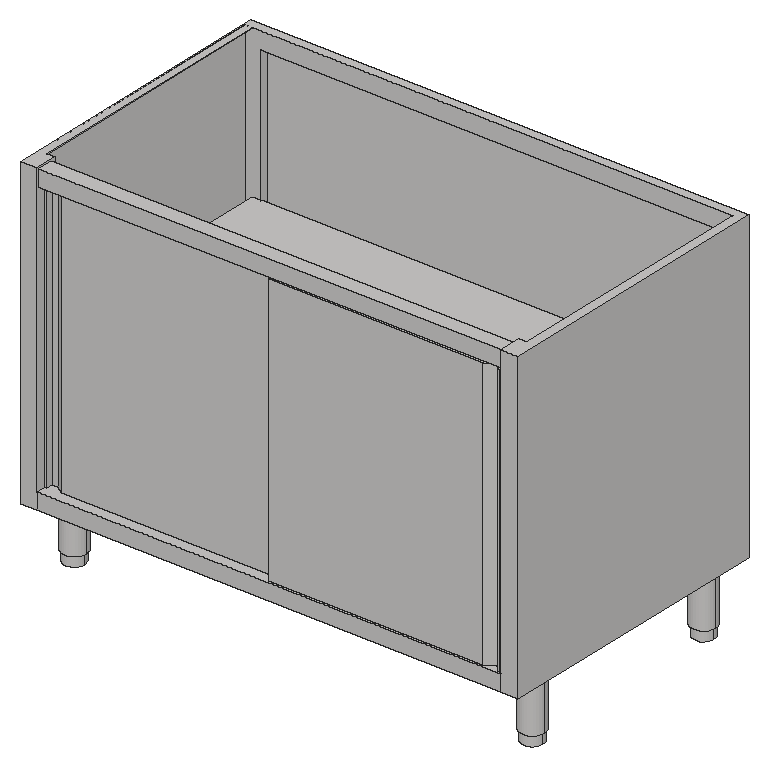
Revit family "QF_ELECTROLUXPROFESSIONAL_133181_RAU1200SD", category Specialty Equipment, Revit 2018
Family settings
  Round Connector Dimension = Use Diameter
  Part Type = Normal
  Work Plane-Based = No
  Always vertical = Yes
  Cut with Voids When Loaded = No
  Shared = No
  Room Calculation Point = No
Parameters
  Weight = 0.00 kg
  Watts = 0 W
  Volts = 0 V
  URL Manufacturer = ""
  Steam Supply Size = 0 mm
  Steam Supply Minimum Pressure = 0.0 Pa
  Steam Supply Maximum Pressure = 0.0 Pa
  Steam Pounds per Hour = 0
  Refrigeration Suction Line Size = 0 mm
  Refrigeration Liquid Line Size = 0 mm
  Refrigerant Compressor Remote = yes
  Phase = 0
  Length Actual = 0 mm
  Item Number = ""
  Hot Water Size = 0 mm
  Height Actual = 0 mm
  HP = ""
  Gas Size = 0 mm
  Gas KW = 0
  Gas Input Pressure = 0 W
  Direct Waste Size = 0 mm
  Depth Actual = 0 mm
  Cycle = 0 Hz
  Condensate Return Size = 0 mm
  Compressed Air Volume = 0.0 L/s
  Compressed Air Size = 0 mm
  Compressed Air Pressure = 0.0 Pa
  Cold Water Size = 0 mm
  Accessory = yes
Reference planes
  plane 1 "Center (Front/Back)": y = 0
  plane 2: z = 0
  plane 3 "Center (Left/Right)": x = 0
  plane 4: y = 344.5
  plane 5 "Left": x = -594.5
  plane 6 "Right": x = 594.5
  plane 7: y = -344.5
  plane 8: z = 150
  plane 9: z = 883
  plane 10: x = -547.5
  plane 11: x = 547.5
  plane 12: y = 270
  plane 13: y = -241.9
Forms (mm)
  Extrusion 1, solid, material "QF_Finishes_Stainless Steel"
    sketch origin (0, 0, 0) x (1, 0, 0) y (0, 1, 0)
      loop
        line (-594.5, 344.5) -> (-594.5, -344.5) -> (-554.5, -344.5) -> (554.5, -344.5) -> (594.5, -344.5) -> (594.5, 344.5) -> (-594.5, 344.5)
    from 150 to 190
  Sweep 2, solid, material "QF_Finishes_Stainless Steel"
    path in 3D
      loop
        line (-594.5, -291.5, 150) -> (-594.5, 324.5, 150)
    profile origin (-594.5, 16.5, 150) x (1, 0, 0) y (0, 0, -1)
      loop
        line (0, -40) -> (0, -733) -> (20, -733) -> (20, -731.5) -> (1.5, -731.5) -> (1.5, -40) -> (0, -40)
  Extrusion 3, solid, material "QF_Finishes_Stainless Steel"
    sketch origin (0, 0, 0) x (1, 0, 0) y (0, 1, 0)
      loop
        line (-594.5, 344.5) -> (-594.5, 324.5) -> (-554.5, 324.5) -> (-554.5, 344.5) -> (-594.5, 344.5)
      loop
        line (594.5, 344.5) -> (554.5, 344.5) -> (554.5, 324.5) -> (594.5, 324.5) -> (594.5, 344.5)
      loop
        line (-594.5, -344.5) -> (-554.5, -344.5) -> (-554.5, -291.5) -> (-594.5, -291.5) -> (-594.5, -344.5)
      loop
        line (594.5, -344.5) -> (594.5, -291.5) -> (554.5, -291.5) -> (554.5, -344.5) -> (594.5, -344.5)
    from 190 to 883
  Extrusion 4, solid, material "QF_Finishes_Stainless Steel"
    sketch origin (0, 0, 0) x (1, 0, 0) y (0, 1, 0)
      loop
        line (-554.5, -304.5) -> (-554.5, -343.5) -> (554.5, -343.5) -> (554.5, -304.5) -> (-554.5, -304.5)
    from 843 to 881.5
  Extrusion 5, solid, material "QF_Finishes_Stainless Steel"
    sketch origin (0, 0, 0) x (1, 0, 0) y (0, 1, 0)
      loop
        line (-574.5, 324.5) -> (-574.5, -291.5) -> (574.5, -291.5) -> (574.5, 324.5) -> (-574.5, 324.5)
    from 480 to 520.003
  Sweep 6, solid, material "QF_Finishes_Stainless Steel"
    path in 3D
      loop
        line (594.5, -291.5, 150) -> (594.5, 324.5, 150)
    profile origin (594.5, 16.5, 150) x (1, 0, 0) y (0, 0, -1)
      loop
        line (0, -40) -> (-1.5, -40) -> (-1.5, -731.5) -> (-20, -731.5) -> (-20, -733) -> (0, -733) -> (0, -40)
  Sweep 7, solid, material "QF_Finishes_Stainless Steel"
    path in 3D
      loop
        line (554.5, 344.5, 150) -> (-554.5, 344.5, 150)
    profile origin (0, 344.5, 150) x (0, 1, 0) y (0, 0, -1)
      loop
        line (0, -40) -> (-1.5, -40) -> (-1.5, -731.5) -> (-20, -731.5) -> (-20, -733) -> (0, -733) -> (0, -40)
  Extrusion 8, solid, material "QF_Finishes_Stainless Steel"
    sketch origin (0, 0, 0) x (1, 0, 0) y (0, 1, 0)
      loop
        line (-554.5, 324.5) -> (554.5, 324.5) -> (554.5, 343.5) -> (-554.5, 343.5) -> (-554.5, 324.5)
    from 843 to 883
Cuts and joins
  joined: Extrusion 1, Sweep 2, Extrusion 3, Extrusion 4, Extrusion 5, Sweep 6, Sweep 7, Extrusion 8
Lines and regions (mm)
  sketch lines
    curve 1: line (-594.5, -291.5, 150) -> (-594.5, 324.5, 150)
    curve 2: line (594.5, -291.5, 150) -> (594.5, 324.5, 150)
    curve 3: line (554.5, 344.5, 150) -> (-554.5, 344.5, 150)
  symbolic lines
    curve 4: line (-594.5, 344.5, 0) -> (594.5, 344.5, 0)
    curve 5: line (-594.5, -344.5, 0) -> (-594.5, 344.5, 0)
    curve 6: line (594.5, -344.5, 0) -> (-594.5, -344.5, 0)
    curve 7: line (594.5, 344.5, 0) -> (594.5, -344.5, 0)
    curve 8: line (-594.5, -311.5, 0) -> (0, -311.5, 0)
    curve 9: line (0, -311.5, 0) -> (0, -331.5, 0)
    curve 10: line (0, -331.5, 0) -> (594.5, -331.5, 0)
Dimensions and locks
  equal spacing: plane 5 "Left", plane 3 "Center (Left/Right)", plane 6 "Right"
  equal spacing: plane 4, plane 1 "Center (Front/Back)", plane 7
  plane 9 to plane 8 to level = 733 mm, 150 mm locked
  plane 3 "Center (Left/Right)" to plane 6 "Right" = 594.5 mm
  plane 7 to plane 1 "Center (Front/Back)" = 344.5 mm
  plane 9 to level = 883 mm
  locked: plane 10 to plane 5 "Left" at 47
  locked: plane 6 "Right" to plane 11 at 47
  locked: plane 4 to plane 12 at 74.5
  locked: plane 13 to plane 7 at 102.6
  aligned and locked: level to plane 2
  aligned and locked: Extrusion 1 to plane 8
  aligned and locked: plane 4 to Extrusion 1
  aligned and locked: Extrusion 1 to plane 5 "Left"
  aligned and locked: plane 6 "Right" to Extrusion 1
  aligned and locked: Extrusion 1 to plane 7
  aligned and locked: plane 11 to nested 3
  aligned and locked: plane 11 to nested 2
  aligned and locked: plane 10 to nested 1
  aligned and locked: plane 10 to nested 4
  aligned and locked: plane 12 to nested 1
  aligned and locked: plane 13 to nested 3
  aligned and locked: plane 13 to nested 4
  aligned and locked: plane 12 to nested 2
Automatic sketch dimensions
  Extrusion 1 sketch curve to plane 5 "Left" = 0 mm
  Extrusion 1 sketch curve to plane 7 = 0 mm  (x3)
  Extrusion 1 sketch curve to plane 6 "Right" = 0 mm
  Extrusion 1 sketch curve to plane 4 = 0 mm
  Extrusion 1 sketch curve to plane 10 = 7 mm
  Extrusion 1 sketch curve to Extrusion 1 sketch curve = 0 mm  (x2)
  plane 11 to Extrusion 1 sketch curve = 7 mm
  profile plane to Sweep 2 sketch curve = 0 mm
  Sweep 2 sketch curve to Sweep 2 sketch curve = 1.5 mm  (x2)
  Sweep 2 sketch curve to Sweep 2 sketch curve = 18.5 mm
  Sweep 2 sketch curve to profile plane = 733 mm
  Sweep 2 sketch curve to profile plane = 40 mm
  Extrusion 3 sketch curve to plane 4 = 0 mm  (x2)
  Extrusion 3 sketch curve to plane 5 "Left" = 0 mm  (x2)
  Extrusion 3 sketch curve to plane 7 = 0 mm  (x2)
  Extrusion 3 sketch curve to plane 6 "Right" = 0 mm  (x2)
  Extrusion 3 sketch curve to plane 10 = 7 mm  (x2)
  plane 11 to Extrusion 3 sketch curve = 7 mm  (x2)
  plane 13 to Extrusion 3 sketch curve = 49.6 mm  (x2)
  Extrusion 3 sketch curve to plane 4 = 20 mm  (x2)
  plane 7 to Extrusion 4 sketch curve = 1 mm
  Extrusion 4 sketch curve to plane 10 = 7 mm
  plane 11 to Extrusion 4 sketch curve = 7 mm
  Extrusion 4 sketch curve to Extrusion 4 sketch curve = 39 mm
  plane 5 "Left" to Extrusion 5 sketch curve = 20 mm
  Extrusion 5 sketch curve to plane 6 "Right" = 20 mm
  plane 13 to Extrusion 5 sketch curve = 49.6 mm
  Extrusion 5 sketch curve to plane 4 = 20 mm
  profile plane to Sweep 6 sketch curve = 0 mm
  Sweep 6 sketch curve to Sweep 6 sketch curve = 1.5 mm  (x2)
  Sweep 6 sketch curve to Sweep 6 sketch curve = 18.5 mm
  Sweep 6 sketch curve to profile plane = 733 mm
  Sweep 6 sketch curve to profile plane = 40 mm
  Sweep 7 sketch curve to profile plane = 0 mm
  profile plane to Sweep 7 sketch curve = 1.5 mm
  Sweep 7 sketch curve to Sweep 7 sketch curve = 18.5 mm
  Sweep 7 sketch curve to profile plane = 733 mm
  Sweep 7 sketch curve to Sweep 7 sketch curve = 1.5 mm
  Sweep 7 sketch curve to profile plane = 40 mm
  Extrusion 8 sketch curve to plane 4 = 1 mm
  Extrusion 8 sketch curve to plane 10 = 7 mm
  plane 11 to Extrusion 8 sketch curve = 7 mm
  Extrusion 8 sketch curve to Extrusion 8 sketch curve = 19 mm
  curve 4 to plane 4 = 0 mm
  curve 4 to plane 5 "Left" = 0 mm
  curve 10 to plane 3 "Center (Left/Right)" = 0 mm
  curve 6 to plane 6 "Right" = 0 mm
  curve 6 to plane 7 = 0 mm
  plane 7 to curve 9 = 13 mm
  curve 9 to curve 8 = 20 mm
Nested families
  nested 1: "Foot_Ø50_H150" at (-547.5, 270, 0), type "Foot_Ø50_H150"
  nested 2: "Foot_Ø50_H150" at (547.5, 270, 0), type "Foot_Ø50_H150"
  nested 3: "Foot_Ø50_H150" at (547.5, -241.9, 0), type "Foot_Ø50_H150"
  nested 4: "Foot_Ø50_H150" at (-547.5, -241.9, 0), type "Foot_Ø50_H150"
  nested 5: "Sliding Door" at (0, -304.5, 516.5) x (-1, 0, 0) z (0, -1, 0), type "Sliding Door"
    with L 1103 mm, H 647 mm
Definition of nested family "Foot_Ø50_H150"
  Reference planes
    plane 1 "Centro (Fronte/Retro)": y = 0
    plane 2: z = 0
    plane 3 "Centro (Sinistra/Destra)": x = 0
    plane 4: z = 150
  Forms (mm)
    Revolve 1, solid
      sketch origin (255.05, 0, 608.09) x (0, 0, 1) y (-1, 0, 0)
        loop
          line (-608.09, 255.05) -> (-608.09, 230.05) -> (-583.09, 230.05) -> (-583.09, 226.05) -> (-458.09, 226.05) -> (-458.09, 255.05) -> (-608.09, 255.05)
        axis (-608.09, 255.05) -> (-458.09, 255.05)
      angle from 0 to 360
  Dimensions and locks
    locked: Revolve 1 sketch curve to Revolve 1 sketch curve at 125
    aligned and locked: level to plane 2
    aligned and locked: plane 4 to Revolve 1 sketch curve
    aligned and locked: Revolve 1 sketch curve to level
    aligned and locked: plane 3 "Centro (Sinistra/Destra)" to Revolve 1 sketch curve
Definition of nested family "Sliding Door"
  Parameters
    L [instance] = 468 mm
    H [instance] = 560 mm
    Default Elevation = 1219.2 mm
  Reference planes
    plane 1 "Centro (Fronte/Retro)": y = 0
    plane 2: z = 0
    plane 3 "Centro (Sinistra/Destra)": x = 0
    plane 4: y = 280
    plane 5: y = -280
    plane 6: x = 234
    plane 7: x = -234
  Forms (mm)
    Extrusion 1, solid
      sketch origin (0, 0, 0) x (1, 0, 0) y (0, 1, 0)
        loop
          line (-1219.2, 1219.2) -> (-1219.2, -1219.2) -> (1219.2, -1219.2) -> (1219.2, 1219.2) -> (-1219.2, 1219.2)
      from 0 to -304.8
    Extrusion 2, solid
      sketch origin (-234, 0, 20) x (-1, 0, 0) y (0, 0, -1)
        loop
          line (-234, 0) -> (-234, -20) -> (-39.641, -20) -> (-19.162, -5.661) -> (-5, -5.661) -> (-5, -20) -> (0, -20) -> (0, 0) -> (-234, 0)
      from -280 to 280
    Extrusion 3, solid
      sketch origin (234, 0, 0) x (1, 0, 0) y (0, 0, 1)
        loop
          line (-234, 0) -> (0, 0) -> (0, 20) -> (-5, 20) -> (-5, 5.661) -> (-19.162, 5.661) -> (-39.641, 20) -> (-234, 20) -> (-234, 0)
      from -280 to 280
  Dimensions and locks
    equal spacing: plane 4, plane 1 "Centro (Fronte/Retro)", plane 5
    "H": plane 4 to plane 5
    "L": plane 6 to plane 7
    locked: Extrusion 2 sketch curve to Extrusion 2 sketch curve at 5
    locked: Extrusion 2 sketch curve to Extrusion 2 sketch curve at 14.162
    locked: Extrusion 2 sketch curve to Extrusion 2 sketch curve at 39.641
    locked: Extrusion 3 sketch curve to Extrusion 3 sketch curve at 5
    locked: Extrusion 3 sketch curve to Extrusion 3 sketch curve at 14.162
    locked: Extrusion 3 sketch curve to Extrusion 3 sketch curve at 39.641
    equal spacing: plane 7, plane 3 "Centro (Sinistra/Destra)", plane 6
    aligned and locked: plane 2 to Extrusion 1
    aligned and locked: level to Extrusion 1
    aligned and locked: plane 4 to Extrusion 2
    aligned and locked: Extrusion 2 to plane 5
    aligned and locked: Extrusion 3 to plane 5
    aligned and locked: plane 4 to Extrusion 3
  Automatic sketch dimensions
    Extrusion 1 sketch curve to Extrusion 1 sketch curve = 2438.4 mm  (x2)
    Extrusion 2 sketch curve to plane 3 "Centro (Sinistra/Destra)" = 0 mm
    plane 7 to Extrusion 2 sketch curve = 0 mm
    Extrusion 2 sketch curve to Extrusion 2 sketch curve = 14.339 mm  (x2)
    Extrusion 3 sketch curve to plane 3 "Centro (Sinistra/Destra)" = 0 mm
    Extrusion 3 sketch curve to plane 6 = 0 mm
    Extrusion 3 sketch curve to Extrusion 3 sketch curve = 14.339 mm
    level to Extrusion 2 sketch curve = 40 mm
    Extrusion 2 sketch curve to Extrusion 2 sketch curve = 20 mm
    Extrusion 3 sketch curve to level = 0 mm
    level to Extrusion 3 sketch curve = 5.661 mm
    level to Extrusion 3 sketch curve = 20 mm
